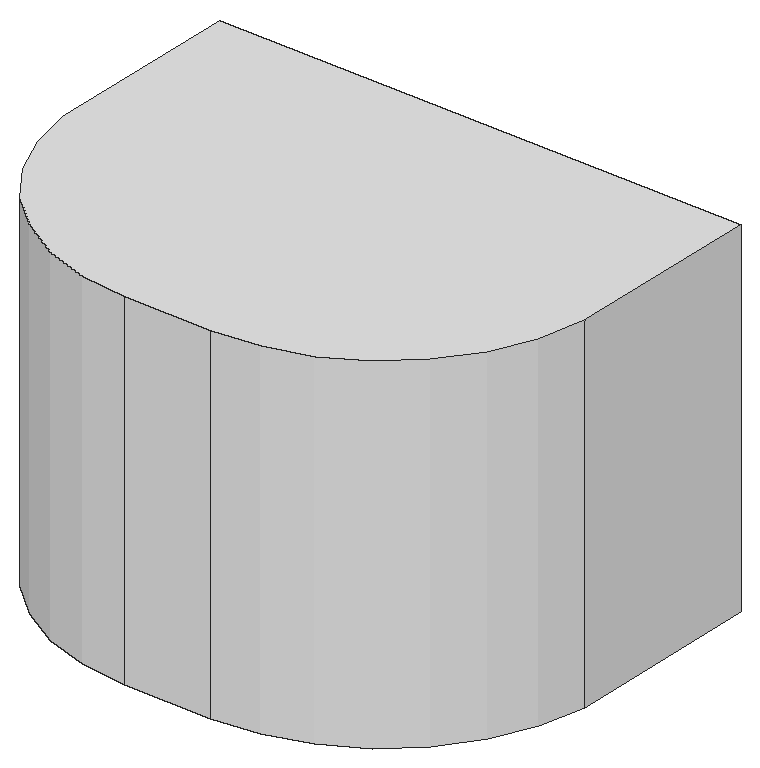
Revit family "LE Basin", category Furniture, Revit 2018
Family settings
  OmniClass Number = 23.40.20.00
  OmniClass Title = General Furniture and Specialties
  Work Plane-Based = No
  Always vertical = Yes
  Cut with Voids When Loaded = No
  Shared = No
  Room Calculation Point = No
Parameters (values of type "600x450mm Hand Wash Basin")
  Width = 450 mm
  URL = "https://studiole.uk"
  Manufacturer = "LE"
  Length = 600 mm
  Height = 400 mm
  Half Width = Width / 2  # 225 mm
  Frame Material = Generic, White
Types (2, lengths in mm): name | Width | Length | Half Width
  600x450mm Hand Wash Basin | 450 | 600 | 225
  350x200mm Hand Rinse Basin | 250 | 350 | 125
Reference planes
  plane 1 "Center (Front/Back)": y = 0
  plane 2: z = 0
  plane 3 "Center (Left/Right)": x = 0
  plane 4 "Left": x = -300
  plane 5 "Right": x = 300
  plane 6 "Foot": y = -225
  plane 7 "Head": y = 225
  plane 8 "Height": z = 400
  plane 9 "Chair 4": x = -260
  plane 10 "Chair 5": x = 260
  plane 11 "Chair 6": y = 145
  plane 12 "Chair 7": y = -185
  plane 13 "Chair 8": y = 0
  plane 14 "Centre (Front/Back)": y = 0
  plane 15 "Chair 12": x = -50
  plane 16 "Chair 13": x = 50
Forms (mm)
  Extrusion 1, solid, material "Generic, White" <- "Frame Material"
    sketch origin (0, 0, 0) x (1, 0, 0) y (0, 1, 0)
      loop
        arc (-300, 0) -> (-218.17, -160.467) -> (-50, -225) r 251.389
        line (-50, -225) -> (50, -225)
        arc (50, -225) -> (218.17, -160.467) -> (300, 0) r 251.389
        line (300, 0) -> (300, 225) -> (-300, 225) -> (-300, 0)
    from 0 to 400 <- "Height"
Lines and regions (mm)
  model lines
    curve 1: line (-260, 145, 400) -> (260, 145, 400)
    curve 2: line (260, 145, 400) -> (260, 0, 400)
    curve 3: line (-260, 145, 400) -> (-260, 0, 400)
    curve 4: line (-50, -185, 400) -> (75, -185, 400)
    curve 5: arc (-50, -185, 400) -> (-189.933, -132.154, 400) -> (-260, 0, 400) r 211.689
    curve 6: arc (75, -185, 400) -> (205.815, -130.815, 400) -> (260, 0, 400) r 185
Dimensions and locks
  "Width": plane 7 "Head" to plane 6 "Foot"
  equal spacing: plane 7 "Head", plane 1 "Center (Front/Back)", plane 6 "Foot"
  "Length": plane 4 "Left" to plane 5 "Right"
  equal spacing: plane 4 "Left", plane 3 "Center (Left/Right)", plane 5 "Right"
  "Height": plane 8 "Height" to plane 2
  plane 12 "Chair 7" to plane 6 "Foot" = 40 mm
  plane 7 "Head" to plane 11 "Chair 6" = 80 mm
  plane 4 "Left" to plane 9 "Chair 4" = 40 mm
  plane 10 "Chair 5" to plane 5 "Right" = 40 mm
  "Half Width": plane 14 "Centre (Front/Back)" to plane 6 "Foot"
  "Half Width": plane 7 "Head" to plane 13 "Chair 8"
  plane 15 "Chair 12" to plane 3 "Center (Left/Right)" to plane 16 "Chair 13" = 50 mm, 50 mm
  aligned and locked: level to plane 2
Automatic sketch dimensions
  curve 1 to plane 9 "Chair 4" = 0 mm
  curve 1 to plane 11 "Chair 6" = 0 mm
  plane 1 "Center (Front/Back)" to Extrusion 1 sketch curve = 0 mm  (x2)
  Extrusion 1 sketch curve to plane 4 "Left" = 0 mm
  Extrusion 1 sketch curve to plane 15 "Chair 12" = 0 mm
  Extrusion 1 sketch curve to plane 6 "Foot" = 0 mm
  Extrusion 1 sketch curve to plane 16 "Chair 13" = 0 mm
  Extrusion 1 sketch curve to plane 5 "Right" = 0 mm
  Extrusion 1 sketch curve to plane 7 "Head" = 0 mm
  plane 1 "Center (Front/Back)" to curve 2 = 0 mm
  plane 12 "Chair 7" to curve 4 = 0 mm
  plane 1 "Center (Front/Back)" to curve 5 = 0 mm
  curve 6 to plane 10 "Chair 5" = 0 mm
  curve 5 to plane 15 "Chair 12" = 0 mm
